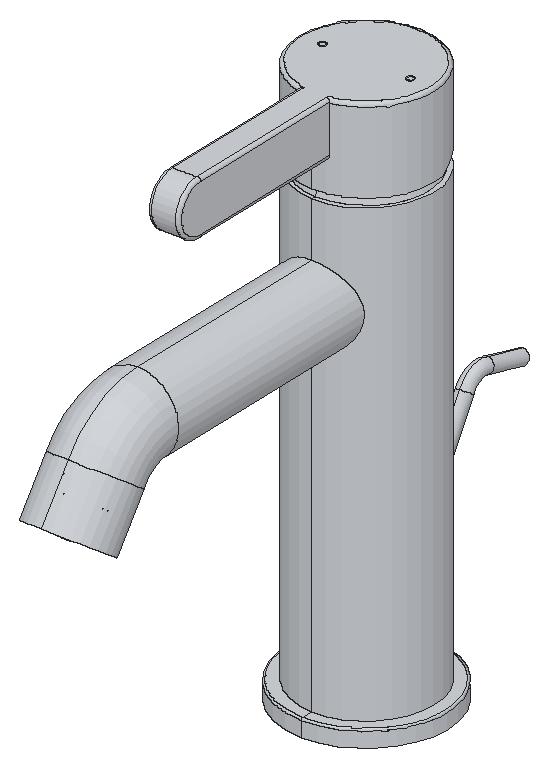
Revit family "Faucet-Lavatory-KOHLER-Atom-K-34313X", category Plumbing Fixtures, host Face, Revit 2021
Family settings
  Host = Face
  Round Connector Dimension = Use Diameter
  Part Type = Normal
  OmniClass Number = 23.31.11.00
  OmniClass Title = Faucets
  Cut with Voids When Loaded = No
  Shared = No
  Room Calculation Point = No
Parameters (values of type "CP-Polished Chrome")
  Width = 1.9685"  # constant formula
  WaterSense Certified = 1 = 0  # no
  Waste Water Outlet = "Waste Water Outlet"  # constant formula
  Waste Connection = 1 = 0  # no
  Vent Connection = 1 = 0  # no
  URL = "https://www.kohler.co.th/"
  Type = 1
  Spout Reach = Length  # 4.33071"
  Product Page URL = ""
  Product Name = "Atom"  # constant formula
  Product Documentation Link = ""
  Pressure = 0.00 psi
  Model = "K-34313X-4-CP"  # constant formula
  Material = "Premium Metal Construction"  # constant formula
  Master Format 2014 Name = "Residential Faucets, Supplies, and Trim"  # constant formula
  Master Format 2014 = "22 41 39"  # constant formula
  Manufacturer Address = "Kohler Beijing Office (100016) 36-2-03-B, No. 88, Liuxiang Road, Beijing"  # constant formula
  Manufacturer = "Kohler Co."  # constant formula
  Length = 4.33071"  # constant formula
  Hot Water Inlet = "Hot Water Inlet"  # constant formula
  Height = 6.62992"  # constant formula
  Handle Clearance = 2.95276"  # constant formula
  HW Connection = 1 = 1  # yes
  Flow Rate = 2.2 GPM  # constant formula
  Finish = Kohler-Metal-CP-Polished_Chrome
  Environmental Product Declaration = ""
  Drain Included = 1 = 0  # no
  Description = "16th Floor, Jasmine City Building 2, Soi Sukhumvit 23, Sukhumvit Road, Khlong Toei Nuea, Watthana, Bangkok 10110"  # constant formula
  Default Elevation = 36"
  Declare Label = ""
  Date Modified = "12/28/2023"  # constant formula
  Date Created = "12/28/2023"  # constant formula
  Copyright = "Copyright Kohler Co."  # constant formula
  Contact Us = "https://www.kohler.co.th/contact-us"
  Cold Water Inlet = "Cold Water Inlet"  # constant formula
  CW Connection = 1 = 1  # yes
  Assembly Code = "D2010"
  ADA Compliant = 1 = 0  # no
Reference planes (in)
  plane 1 "Center (Front/Back)": y = 0
  plane 2: z = 0
  plane 3 "Center (Left/Right)": x = 0
  plane 4: y = 0.98425
  plane 5: x = -0.98425
  plane 6: x = 0.98425
  plane 7: y = -0.98425
  plane 8: y = -2.95276
  plane 9: y = -4.71654
  plane 10: z = 3.55512
  plane 11: z = 6.62992
  plane 12: y = -4.33071
  plane 13: through (0, -2.1777, 6.62994) normal (0, -0.8192, 0.5736)
  plane 14: x = -0.51181
  plane 15: x = 0.51181
  plane 16: x = -0.7874
  plane 17: y = 0.7874
  plane 18: x = 0.7874
  plane 19: y = -0.7874
  plane 20: y = 2.2714
  plane 21: z = 2.79254
  plane 22: through (0, 0.74802, 0) normal (0, 0.5736, 0.8192)
Dimensions and locks (in)
  plane 9 to plane 1 "Center (Front/Back)" = 4.71654"
  plane 14 to plane 15 = 1.02362"
  plane 1 "Center (Front/Back)" to plane 17 = 0.7874"
  plane 16 to plane 14 = 0.27559"
  "Height": plane 11 to level
  "Handle Clearance": plane 1 "Center (Front/Back)" to plane 8
  plane 4 to plane 9 = 5.70079"
  level to plane 10 = 3.55512"
  plane 4 to plane 7 = 1.9685"
  "Length": plane 1 "Center (Front/Back)" to plane 12
  "Width": plane 5 to plane 6
  plane 20 to nested 1 = 2.2714"
  level to plane 21 = 2.79254"
  aligned and locked: plane 2 to host face
  aligned and locked: level to host face
  aligned and locked: plane 1 "Center (Front/Back)" to nested 1
  aligned and locked: plane 3 "Center (Left/Right)" to nested 1
Automatic sketch dimensions
  host sketch curve to host sketch curve = 96"  (x2)
Nested families (in)
  nested 1: "K-34313X" at (0, 0, 0), type "K-34313X"
Connectors (in)
  piping at (-0.51181, 0, 0), diameter 0.5, driven by "Flow Rate", driven by "HW Connection", driven by "Hot Water Inlet"
    settings: on nested 1, index 1, connector inside diameter 24", connector length 0", flow factor 0, pipe flow 2.2 GPM, pressure drop 0.00 psi, fitting loss kfactor 0, connector angle 0.00°, fixture units 0, engagement length 0", angle of deflection 0.00°, flow configuration 1, flow direction 1, fitting loss method 0, system type 19, joint type 0, gender type 0, connector reference index -1, connector utility 1, adjustable connector no, is connector primary yes, connector description "Hot Water Inlet"
  piping at (0.51181, 0, 0), diameter 0.5, driven by "Flow Rate", driven by "CW Connection", driven by "Cold Water Inlet"
    settings: on nested 1, index 2, connector inside diameter 24", connector length 0", flow factor 0, pipe flow 2.2 GPM, pressure drop 0.00 psi, fitting loss kfactor 0, connector angle 0.00°, fixture units 0, engagement length 0", angle of deflection 0.00°, flow configuration 1, flow direction 1, fitting loss method 0, system type 20, joint type 0, gender type 0, connector reference index -1, connector utility 1, adjustable connector no, is connector primary no, connector description "Cold Water Inlet"
Definition of nested family "K-34313X"
  Parameters
    Material = none
    Default Elevation = 0"
  Reference planes (in)
    plane 1 "Center (Front/Back)": y = 0
    plane 2: z = 0
    plane 3 "Center (Left/Right)": x = 0
    plane 4: y = 0.98425
    plane 5: y = -0.98425
    plane 6: z = 6.62992
    plane 7: y = -4.33071
    plane 8: y = -4.71654
    plane 9: x = -0.98425
    plane 10: x = 0.98425
    plane 11: y = -2.95276
    plane 12: z = 3.55512
    plane 13: through (0, -4.33071, 3.55512) normal (0, 0.8192, -0.5736)
    plane 14: x = 0.51181
    plane 15: x = -0.51181
    plane 16: x = -0.7874
    plane 17: x = 0.7874
    plane 18: y = -0.7874
    plane 19: y = 0.7874
    plane 20: y = 2.2714
    plane 21: z = 2.79254
    plane 22: through (0, -4.71654, 3.82632) normal (0, -0.5736, -0.8192)
  Forms (in)
    Revolve 1, solid, material <- "Material", detail levels medium+fine
      sketch origin (0, 0, 0) x (0, 1, 0) y (0, 0, 1)
        loop
          line (0, 0) -> (0.94478, 0) -> (0.94478, 0.17717)
          arc (0.94478, 0.17717) -> (0.93902, 0.19108) -> (0.9251, 0.19685) r 0.01969
          line (0.9251, 0.19685) -> (0.7874, 0.19685) -> (0.7874, 5.53916) -> (0.73239, 5.53916)
          arc (0.73239, 5.53916) -> (0.66595, 5.7435) -> (0.5446, 5.92082) r 0.75436
          line (0.5446, 5.92082) -> (0, 5.92082) -> (0, 0)
        axis (0, 0) -> (0, 5.92082)
      angle from 0 to 360
    Revolve 2, solid, material <- "Material", detail levels medium+fine
      sketch origin (0, 0, 0) x (0, 1, 0) y (0, 0, 1)
        loop
          line (0, 5.64536) -> (0, 6.62994) -> (-0.74803, 6.62994)
          arc (-0.74803, 6.62994) -> (-0.77587, 6.61841) -> (-0.7874, 6.59057) r 0.03937
          line (-0.7874, 6.59057) -> (-0.7874, 5.64536) -> (0, 5.64536)
        axis (0, 6.62994) -> (0, 5.64536)
      angle from 0 to 360
    Extrusion 3, void
      sketch origin (0, 0, 0) x (0, 1, 0) y (0, 0, 1)
        loop
          line (0.98812, 5.96475) -> (-0.00947, 5.59583) -> (0.98812, 5.59583) -> (0.98812, 5.96475)
      from -1.0149 to 1.00536
    Extrusion 4, void
      sketch origin (0, 0, 0) x (1, 0, 0) y (0, 0, 1)
        loop
          circle (0, 6.26388) r 0.14173
      from -0.98812 to -0.64136
    Extrusion 5, solid, detail levels medium+fine
      sketch origin (0, 0, 0) x (1, 0, 0) y (0, 0, 1)
        loop
          circle (0, 6.26388) r 0.1378
      from -0.78748 to -0.64136
    Revolve 6, solid, material <- "Material", detail levels coarse
      sketch origin (0, 0, 0) x (0, 1, 0) y (0, 0, 1)
        loop
          line (0, 0) -> (0.98425, 0) -> (0.98425, 0.19685) -> (0.7874, 0.19685) -> (0.7874, 5.60121) -> (0.58407, 5.92082) -> (0, 5.92082) -> (0, 0)
        axis (0, 0) -> (0, 5.92082)
      angle from 0 to 360
    Revolve 7, solid, material <- "Material", detail levels coarse
      sketch origin (0, 0, 0) x (0, 1, 0) y (0, 0, 1)
        loop
          line (0, 5.64536) -> (0, 6.62994) -> (-0.74803, 6.62994)
          arc (-0.74803, 6.62994) -> (-0.77587, 6.61841) -> (-0.7874, 6.59057) r 0.03937
          line (-0.7874, 6.59057) -> (-0.7874, 5.64536) -> (0, 5.64536)
        axis (0, 6.62994) -> (0, 5.64536)
      angle from 0 to 360
    Sweep 8, solid, material <- "Material", detail levels medium+fine
      path origin (0, 0, 0) x (0, 1, 0) y (0, 0, 1)
        loop
          line (-4.33139, 3.55415) -> (-3.94567, 4.10503)
          arc (-3.94567, 4.10503) -> (-3.67372, 4.34352) -> (-3.32238, 4.42949) r 0.7609
          line (-3.32238, 4.42949) -> (-0.18232, 4.42949)
      profile origin (0, -1.75235, 4.42949) x (0, 0, 1) y (1, 0, 0)
        loop
          circle (0, 0) r 0.47244
    Sweep 9, void
      path origin (0, 0, 0) x (0, 1, 0) y (0, 0, 1)
        loop
          line (-4.3973, 3.46003) -> (-4.11658, 3.86094)
      profile origin (0, -4.25694, 3.66048) x (0, -0.819152, 0.573576) y (1, 0, 0)
        loop
          circle (0, 0) r 0.43307
    Revolve 10, solid, detail levels medium+fine
      sketch origin (0, 0, 0) x (0, 1, 0) y (0, 0, 1)
        loop
          line (-4.338, 3.54472) -> (-4.11658, 3.86094) -> (-4.47133, 4.10934) -> (-4.58424, 3.94809) -> (-4.47639, 3.87257) -> (-4.54101, 3.75262) -> (-4.50996, 3.73088)
          arc (-4.50996, 3.73088) -> (-4.43501, 3.62761) -> (-4.338, 3.54472) r 0.54215
        axis (-4.11658, 3.86094) -> (-4.338, 3.54472)
      angle from 0 to 360
    Extrusion 11, void
      sketch origin (0, 0, 0) x (0, 1, 0) y (0, 0, 1)
        loop
          line (-4.41231, 3.52874) -> (-4.32874, 3.47023) -> (-4.20965, 3.64032) -> (-4.29321, 3.69883) -> (-4.41231, 3.52874)
      from -0.34375 to 0.31622
    Sweep 12, solid, material <- "Material", detail levels coarse
      path origin (0, 0, 0) x (0, 1, 0) y (0, 0, 1)
        loop
          line (-4.33139, 3.55415) -> (-3.94567, 4.10503)
          arc (-3.94567, 4.10503) -> (-3.67372, 4.34352) -> (-3.32238, 4.42949) r 0.7609
          line (-3.32238, 4.42949) -> (-0.18232, 4.42949)
      profile origin (0, -1.75235, 4.42949) x (0, 0, 1) y (1, 0, 0)
        loop
          circle (0, 0) r 0.47244
    Extrusion 13, void
      sketch origin (0, 0, 0) x (1, 0, 0) y (0, 1, 0)
        loop
          circle (-0.51181, 0) r 0.03937
      from 6.53296 to 6.66894
    Extrusion 14, void
      sketch origin (0, 0, 0) x (-1, 0, 0) y (0, -1, 0)
        loop
          circle (-0.51181, 0) r 0.03937
      from 6.53296 to 6.66894
    Extrusion 15, solid
      sketch origin (0, 0, 0) x (1, 0, 0) y (0, 1, 0)
        loop
          circle (-0.51181, 0) r 0.03937
      from 6.53296 to 6.62994
    Extrusion 16, solid
      sketch origin (0, 0, 0) x (-1, 0, 0) y (0, -1, 0)
        loop
          circle (-0.51181, 0) r 0.03937
      from 6.53296 to 6.62994
    Extrusion 17, solid, material <- "Material"
      sketch origin (0, 0, 0) x (1, 0, 0) y (0, 1, 0)
        loop
          circle (-0.51181, 0) r 0.11811
      from 0 to 0.19685
    Extrusion 18, solid, material <- "Material"
      sketch origin (0, 0, 0) x (1, 0, 0) y (0, 1, 0)
        loop
          circle (0.51181, 0) r 0.11811
      from 0 to 0.19685
    Sweep 19, solid, material <- "Material", detail levels medium+fine
      path origin (0, 0, 0) x (0, 1, 0) y (0, 0, 1)
        loop
          line (-0.37047, 6.62994) -> (-2.6343, 6.62994)
          arc (-2.6343, 6.62994) -> (-2.94925, 6.31499) -> (-2.6343, 6.00004) r 0.31495
          line (-2.6343, 6.00004) -> (-0.37047, 6.00004)
      profile origin (0, -1.50239, 6.62994) x (0, 0, -1) y (1, 0, 0)
        loop
          arc (0, -0.13845) -> (0.01153, -0.16629) -> (0.03937, -0.17782) r 0.03937
          line (0.03937, -0.17782) -> (0.07487, -0.17782) -> (0.07487, 0.17782) -> (0.03937, 0.17782)
          arc (0.03937, 0.17782) -> (0.01153, 0.16629) -> (0, 0.13845) r 0.03937
          line (0, 0.13845) -> (0, -0.13845)
    Extrusion 20, solid, material <- "Material", detail levels medium+fine
      sketch origin (0, 0, 0) x (0, 1, 0) y (0, 0, 1)
        loop
          line (-2.6343, 6.07492) -> (-0.71408, 6.07492) -> (-0.71408, 6.55507) -> (-2.6343, 6.55507)
          arc (-2.6343, 6.55507) -> (-2.87438, 6.31499) -> (-2.6343, 6.07492) r 0.24007
      from -0.17782 to 0.17782
    Extrusion 21, solid, material <- "Material", detail levels coarse
      sketch origin (0, 0, 0) x (0, 1, 0) y (0, 0, 1)
        loop
          line (-0.60747, 6.62994) -> (-2.62906, 6.62994)
          arc (-2.62906, 6.62994) -> (-2.94401, 6.31499) -> (-2.62906, 6.00004) r 0.31495
          line (-2.62906, 6.00004) -> (-0.60747, 6.00004) -> (-0.60747, 6.62994)
      from -0.17782 to 0.17782
    Sweep 22, solid, material <- "Material"
      path origin (0, 0, 0) x (0, 1, 0) y (0, 0, 1)
        loop
          line (2.25263, 2.5605) -> (1.73917, 2.69808)
          arc (1.73917, 2.69808) -> (1.56238, 2.6865) -> (1.42917, 2.56968) r 0.27559
          line (1.42917, 2.56968) -> (0, 0.09428)
      profile origin (0, 2.25263, 2.5605) x (0, -0.258819, -0.965926) y (1, 0, 0)
        loop
          circle (0, 0) r 0.0845
    Revolve 23, void
      sketch origin (0, 0, 0) x (0, 1, 0) y (0, 0, 1)
        loop
          line (0.66423, 1.23765) -> (1.12703, 2.03923) -> (1.03525, 2.09221) -> (0.57246, 1.29063) -> (0.66423, 1.23765)
        axis (1.12703, 2.03923) -> (0.66423, 1.23765)
      angle from 0 to 360
  Cuts and joins
    Sweep 9 cuts Sweep 8
    Extrusion 11 cuts Revolve 10
    Extrusion 13, Extrusion 14 cuts Revolve 7
    joined: Revolve 7, Extrusion 21
    Extrusion 3, Extrusion 4, Extrusion 13, Extrusion 14 cuts Revolve 2
    joined: Revolve 2, Sweep 19, Extrusion 20
    Revolve 23 cuts Revolve 6
    Revolve 23 cuts Revolve 1
  Lines and regions (in)
    Masking region 1
      outline origin (0, 0, 0) x (1, 0, 0) y (0, 1, 0)
        loop
          arc (-0.98425, 0) -> (-0.8471, -0.50179) -> (-0.47244, -0.86269) r 0.97995
          line (-0.47244, -0.86269) -> (-0.47244, -4.33066)
          arc (-0.47244, -4.33066) -> (-0.45728, -4.43034) -> (-0.41315, -4.52101) r 0.33515
          arc (-0.41315, -4.52101) -> (-0.33562, -4.60507) -> (-0.23776, -4.66424) r 0.40693
          arc (-0.23776, -4.66424) -> (-0.12133, -4.7015) -> (0, -4.71654) r 0.65683
          arc (0, -4.71654) -> (0.12133, -4.7015) -> (0.23776, -4.66424) r 0.65683
          arc (0.23776, -4.66424) -> (0.33562, -4.60507) -> (0.41315, -4.52101) r 0.40693
          arc (0.41315, -4.52101) -> (0.45728, -4.43034) -> (0.47244, -4.33066) r 0.33515
          line (0.47244, -4.33066) -> (0.47244, -0.86269)
          arc (0.47244, -0.86269) -> (0.8471, -0.50179) -> (0.98425, 0) r 0.97995
          arc (0.98425, 0) -> (0.72525, 0.66541) -> (0.08454, 0.98061) r 0.98425
          line (0.08454, 0.98061) -> (0.08454, 2.23867)
          spline (0.08454, 2.23867) -> (0.08418, 2.24175) -> (0.08308, 2.24481) -> (0.08127, 2.24781) -> (0.07875, 2.25073) -> (0.07556, 2.25355) -> (0.07171, 2.25624) -> (0.06724, 2.25877) -> (0.06218, 2.26114) -> (0.05659, 2.2633) -> (0.05051, 2.26526) -> (0.044, 2.26698) -> (0.0371, 2.26846)
          arc (0.0371, 2.26846) -> (0.01864, 2.27102) -> (0, 2.2714) r 0.1584
          arc (0, 2.2714) -> (-0.02469, 2.27042) -> (-0.04893, 2.26562) r 0.1584
          spline (-0.04893, 2.26562) -> (-0.05421, 2.26401) -> (-0.05914, 2.26225) -> (-0.06371, 2.26033) -> (-0.06787, 2.25828) -> (-0.07161, 2.25611) -> (-0.0749, 2.25383) -> (-0.07771, 2.25145) -> (-0.08004, 2.24899) -> (-0.08187, 2.24647) -> (-0.08319, 2.2439) -> (-0.08398, 2.24129) -> (-0.08424, 2.23867)
          line (-0.08424, 2.23867) -> (-0.08424, 0.98064)
          arc (-0.08424, 0.98064) -> (-0.72514, 0.66552) -> (-0.98425, 0) r 0.98425
    Masking region 2
      outline origin (0, 0, 0) x (1, 0, 0) y (0, 0, 1)
        loop
          line (-0.7874, 6.59055) -> (-0.7874, 5.6457) -> (-0.7314, 5.6457)
          arc (-0.7314, 5.6457) -> (-0.74734, 5.59322) -> (-0.75653, 5.53914) r 0.43336
          line (-0.75653, 5.53914) -> (-0.7874, 5.53914) -> (-0.7874, 0.19688) -> (-0.96457, 0.19688)
          arc (-0.96457, 0.19688) -> (-0.97849, 0.19111) -> (-0.98425, 0.17719) r 0.01969
          line (-0.98425, 0.17719) -> (-0.98425, 0) -> (0, 0) -> (0.98425, 0) -> (0.98425, 0.17719)
          arc (0.98425, 0.17719) -> (0.97849, 0.19111) -> (0.96457, 0.19688) r 0.01969
          line (0.96457, 0.19688) -> (0.7874, 0.19688) -> (0.7874, 5.53914) -> (0.75653, 5.53914)
          arc (0.75653, 5.53914) -> (0.74734, 5.59322) -> (0.7314, 5.6457) r 0.43336
          line (0.7314, 5.6457) -> (0.7874, 5.6457) -> (0.7874, 6.59055)
          arc (0.7874, 6.59055) -> (0.77587, 6.61839) -> (0.74803, 6.62992) r 0.03937
          line (0.74803, 6.62992) -> (0, 6.62992) -> (-0.74803, 6.62992)
          arc (-0.74803, 6.62992) -> (-0.77587, 6.61839) -> (-0.7874, 6.59055) r 0.03937
    Masking region 3
      outline origin (0, 0, 0) x (0, 1, 0) y (0, 0, 1)
        loop
          arc (0.7874, 6.59055) -> (0.77587, 6.61839) -> (0.74803, 6.62992) r 0.03937
          line (0.74803, 6.62992) -> (-2.63871, 6.62992)
          arc (-2.63871, 6.62992) -> (-2.79005, 6.59162) -> (-2.90496, 6.48594) r 0.31817
          arc (-2.90496, 6.48594) -> (-2.94209, 6.4041) -> (-2.95276, 6.31485) r 0.29396
          arc (-2.95276, 6.31485) -> (-2.94487, 6.22906) -> (-2.91229, 6.1493) r 0.29203
          arc (-2.91229, 6.1493) -> (-2.79611, 6.03524) -> (-2.63871, 5.99358) r 0.31817
          line (-2.63871, 5.99358) -> (-0.86614, 5.99358)
          arc (-0.86614, 5.99358) -> (-0.81046, 5.97052) -> (-0.7874, 5.91484) r 0.07874
          line (-0.7874, 5.91484) -> (-0.7874, 5.64542) -> (-0.7299, 5.64542)
          arc (-0.7299, 5.64542) -> (-0.74428, 5.59249) -> (-0.75655, 5.53903) r 1.38621
          line (-0.75655, 5.53903) -> (-0.7874, 5.53903) -> (-0.7874, 4.94864)
          arc (-0.7874, 4.94864) -> (-0.79893, 4.92081) -> (-0.82677, 4.90927) r 0.03937
          line (-0.82677, 4.90927) -> (-3.20361, 4.90927)
          arc (-3.20361, 4.90927) -> (-3.87298, 4.74548) -> (-4.39108, 4.29112) r 1.44963
          line (-4.39108, 4.29112) -> (-4.71654, 3.82632) -> (-3.94334, 3.28492) -> (-3.60574, 3.76706)
          arc (-3.60574, 3.76706) -> (-3.43995, 3.91246) -> (-3.22575, 3.96487) r 0.46388
          line (-3.22575, 3.96487) -> (-0.82677, 3.96487)
          arc (-0.82677, 3.96487) -> (-0.79893, 3.95334) -> (-0.7874, 3.9255) r 0.03937
          line (-0.7874, 3.9255) -> (-0.7874, 0.19685) -> (-0.96457, 0.19685)
          arc (-0.96457, 0.19685) -> (-0.97849, 0.19108) -> (-0.98425, 0.17717) r 0.01969
          line (-0.98425, 0.17717) -> (-0.98425, 0) -> (0, 0) -> (0.98425, 0) -> (0.98425, 0.17717)
          arc (0.98425, 0.17717) -> (0.97849, 0.19108) -> (0.96457, 0.19685) r 0.01969
          line (0.96457, 0.19685) -> (0.7874, 0.19685) -> (0.7874, 1.24506) -> (1.48006, 2.49464)
          arc (1.48006, 2.49464) -> (1.59436, 2.59756) -> (1.7478, 2.60829) r 0.23622
          line (1.7478, 2.60829) -> (2.19509, 2.48844) -> (2.23387, 2.49047) -> (2.2714, 2.63053) -> (2.24266, 2.65065) -> (1.75819, 2.78047)
          arc (1.75819, 2.78047) -> (1.53177, 2.76594) -> (1.36058, 2.61704) r 0.35433
          line (1.36058, 2.61704) -> (0.7874, 1.63658) -> (0.7874, 5.53917) -> (0.75665, 5.53917)
          arc (0.75665, 5.53917) -> (0.71167, 5.69256) -> (0.63735, 5.83408) r 0.80761
          line (0.63735, 5.83408) -> (0.7874, 5.88869) -> (0.7874, 6.59055)
    symbolic lines, detail levels medium+fine
      curve 1: arc (0, 0.82626, 0) -> (-0.03711, 0.82539, 0) -> (-0.07414, 0.82285, 0) r 0.82668
      curve 2: line (-0.47244, -0.86269, 0) -> (-0.47244, -0.70151, 0)
      curve 3: arc (-0.49089, -0.6649, 0) -> (-0.47732, -0.68101, 0) -> (-0.47244, -0.70151, 0) r 0.04554
      curve 4: arc (-0.47244, -0.83704, 0) -> (-0.93205, 0.24725, 0) -> (0, 0.96712, 0) r 0.96409
      curve 5: line (-0.07414, 0.82285, 0) -> (-0.12447, 0.82285, 0)
      curve 6: arc (-0.12447, 0.82285, 0) -> (-0.13974, 0.82, 0) -> (-0.15294, 0.81182, 0) r 0.04225
      curve 7: arc (0, 0.78781, 0) -> (-0.78002, 0.1035, 0) -> (-0.20573, -0.76073, 0) r 0.7881
      curve 8: circle (-0.51181, 0, 0) r 0.03937 normal (0, 0, 1)
      curve 9: line (-0.47244, -3.21903, 0) -> (0, -3.21903, 0)
      curve 10: arc (0, -4.37926, 0) -> (-0.22601, -4.33153, 0) -> (-0.40785, -4.18908, 0) r 0.51056
      curve 11: arc (-0.40785, -4.18908, 0) -> (-0.45116, -4.11627, 0) -> (-0.47244, -4.03426, 0) r 0.30058
      curve 12: arc (0, 0.82626, 0) -> (0.03711, 0.82539, 0) -> (0.07414, 0.82285, 0) r 0.82668
      curve 13: line (0.47244, -0.86269, 0) -> (0.47244, -0.70151, 0)
      curve 14: arc (0.49089, -0.6649, 0) -> (0.47732, -0.68101, 0) -> (0.47244, -0.70151, 0) r 0.04554
      curve 15: arc (0.47244, -0.83704, 0) -> (0.93205, 0.24725, 0) -> (0, 0.96712, 0) r 0.96409
      curve 16: line (0.07414, 0.82285, 0) -> (0.12447, 0.82285, 0)
      curve 17: arc (0.12447, 0.82285, 0) -> (0.13974, 0.82, 0) -> (0.15294, 0.81182, 0) r 0.04225
      curve 18: arc (0, 0.78781, 0) -> (0.78002, 0.1035, 0) -> (0.20573, -0.76073, 0) r 0.7881
      curve 19: circle (0.51181, 0, 0) r 0.03937 normal (0, 0, -1)
      curve 20: line (0.47244, -3.21903, 0) -> (0, -3.21903, 0)
      curve 21: arc (0, -4.37926, 0) -> (0.22601, -4.33153, 0) -> (0.40785, -4.18908, 0) r 0.51056
      curve 22: arc (0.40785, -4.18908, 0) -> (0.45116, -4.11627, 0) -> (0.47244, -4.03426, 0) r 0.30058
      curve 23: line (-0.98425, 0, 0.17719) -> (0, 0, 0.17719)
      curve 24: line (-0.7874, 0, 0.19688) -> (0, 0, 0.19688)
      curve 25: line (-0.75653, 0, 5.53914) -> (0, 0, 5.53914)
      curve 26: line (-0.745, 0, 5.6457) -> (0, 0, 5.6457)
      curve 27: line (-0.7874, 0, 6.59055) -> (-0.17782, 0, 6.59057)
      curve 28: line (0.98425, 0, 0.17719) -> (0, 0, 0.17719)
      curve 29: line (0.7874, 0, 0.19688) -> (0, 0, 0.19688)
      curve 30: line (0.75653, 0, 5.53914) -> (0, 0, 5.53914)
      curve 31: line (0.745, 0, 5.6457) -> (0, 0, 5.6457)
      curve 32: line (0.7874, 0, 6.59055) -> (0.17782, 0, 6.59057)
      curve 33: arc (0, 0.78748, 6.39556) -> (0, 0.77316, 6.26488) -> (0, 0.78748, 6.13421) r 0.60334
      curve 34: line (0, 0.11901, 5.64542) -> (0, -0.7299, 5.64542)
      curve 35: line (0, 0.7874, 0.19685) -> (0, 0, 0.19685)
      curve 36: line (0, 0.98425, 0.17717) -> (0, 0, 0.17717)
      curve 37: line (0, -0.7874, 0.19685) -> (0, 0, 0.19685)
      curve 38: line (0, -0.98425, 0.17717) -> (0, 0, 0.17717)
      curve 39: arc (0, -0.7874, 4.94864) -> (0, -0.60509, 4.43706) -> (0, -0.78745, 3.9255) r 0.80882
      curve 40: arc (0, -0.82677, 4.90927) -> (0, -0.66485, 4.43706) -> (0, -0.82682, 3.96487) r 0.76941
      curve 41: line (0, 0.75665, 5.53917) -> (0, -0.75655, 5.53903)
      curve 42: arc (0, -0.69569, 6.62992) -> (0, -0.71581, 6.61468) -> (0, -0.72325, 6.59055) r 0.04115
      curve 43: line (0, -0.72325, 6.59055) -> (0, -0.72325, 6.06986)
      curve 44: line (0, -0.79522, 6.59055) -> (0, -0.79522, 6.07651)
      curve 45: line (0, -0.79522, 6.59055) -> (0, -0.79522, 6.62992)
      curve 46: line (0, -4.39108, 4.29112) -> (0, -3.61788, 3.74972)
      curve 47: line (0, -3.20361, 4.90927) -> (0, -3.20361, 3.96487)
      curve 48: line (0, 0.64943, 5.83848) -> (0, 0.11901, 5.64542)
      curve 49: arc (-0.07414, 0.82285, 0) -> (-0.11367, 0.81829, 0) -> (-0.15294, 0.81182, 0) r 0.82668
      curve 50: arc (0.07414, 0.82285, 0) -> (0.11367, 0.81829, 0) -> (0.15294, 0.81182, 0) r 0.82668
      curve 51: arc (0.15294, 0.81182, 0) -> (0.80495, 0.18401, 0) -> (0.49089, -0.6649, 0) r 0.82668
      curve 52: arc (-0.15294, 0.81182, 0) -> (-0.80495, 0.18401, 0) -> (-0.49089, -0.6649, 0) r 0.82668
      curve 53: arc (0, -0.72325, 6.06986) -> (0, -0.73992, 5.98597) -> (0, -0.7874, 5.91484) r 0.21938
      curve 54: arc (0, -0.79522, 6.07651) -> (0, -0.81537, 6.02195) -> (0, -0.86614, 5.99358) r 0.08395
      curve 55: line (-0.17719, -0.86865, 0) -> (-0.17719, -2.91339, 0)
      curve 56: line (-0.14766, -0.83671, 0) -> (-0.14766, -2.90354, 0)
      curve 57: arc (-0.2336, -0.79314, 0) -> (-0.19285, -0.82152, 0) -> (-0.17719, -0.86865, 0) r 0.07874
      curve 58: arc (-0.20573, -0.76073, 0) -> (-0.16384, -0.7889, 0) -> (-0.14766, -0.83671, 0) r 0.07874
      curve 59: line (0.17719, -0.86865, 0) -> (0.17719, -2.91339, 0)
      curve 60: line (0.14766, -0.83671, 0) -> (0.14766, -2.90354, 0)
      curve 61: arc (0.20573, -0.76073, 0) -> (0.16384, -0.7889, 0) -> (0.14766, -0.83671, 0) r 0.07874
      curve 62: arc (0.2336, -0.79314, 0) -> (0.19285, -0.82152, 0) -> (0.17719, -0.86865, 0) r 0.07874
      curve 63: line (-0.13782, -2.95276, 0) -> (0.13782, -2.95276, 0)
      curve 64: line (-0.12798, -2.92323, 0) -> (0.12798, -2.92323, 0)
      curve 65: arc (-0.17719, -2.91339, 0) -> (-0.16566, -2.94122, 0) -> (-0.13782, -2.95276, 0) r 0.03937
      curve 66: arc (0.13782, -2.95276, 0) -> (0.16566, -2.94122, 0) -> (0.17719, -2.91339, 0) r 0.03937
      curve 67: arc (-0.14766, -2.90354, 0) -> (-0.1419, -2.91746, 0) -> (-0.12798, -2.92323, 0) r 0.01969
      curve 68: arc (0.12798, -2.92323, 0) -> (0.1419, -2.91746, 0) -> (0.14766, -2.90354, 0) r 0.01969
      curve 69: line (-0.17719, -2.63967, 0) -> (0.17719, -2.63967, 0)
      curve 70: line (-0.17782, 0, 6.59057) -> (-0.17782, 0, 6.03941)
      curve 71: line (0.17782, 0, 6.03941) -> (0.17782, 0, 6.59057)
      curve 72: arc (0.13845, 0, 6.62994) -> (0.16629, 0, 6.61841) -> (0.17782, 0, 6.59057) r 0.03937
      curve 73: arc (-0.17782, 0, 6.59057) -> (-0.16629, 0, 6.61841) -> (-0.13845, 0, 6.62994) r 0.03937
      curve 74: arc (-0.17782, 0, 6.03941) -> (-0.16629, 0, 6.01158) -> (-0.13845, 0, 6.00004) r 0.03937
      curve 75: line (-0.13845, 0, 6.00004) -> (0.13845, 0, 6.00004)
      curve 76: arc (0.13845, 0, 6.00004) -> (0.16629, 0, 6.01158) -> (0.17782, 0, 6.03941) r 0.03937
      curve 77: line (-0.13845, 0, 6.62994) -> (-0.13845, 0, 6.00004)
      curve 78: line (0.13845, 0, 6.62994) -> (0.13845, 0, 6.00004)
      curve 79: line (0, 0.7874, 6.59055) -> (0, -2.62376, 6.59055)
      curve 80: line (0, -0.72464, 6.04525) -> (0, -2.62376, 6.04525)
      curve 81: arc (0, -2.62376, 6.59055) -> (0, -2.89641, 6.3179) -> (0, -2.62376, 6.04525) r 0.27265
      curve 82: arc (-0.49089, -0.6649, 0) -> (-0.36786, -0.74029, 0) -> (-0.2336, -0.79314, 0) r 0.82668
      curve 83: arc (0.49089, -0.6649, 0) -> (0.36786, -0.74029, 0) -> (0.2336, -0.79314, 0) r 0.82668
      curve 84: arc (-0.20573, -0.76073, 0) -> (0, -0.78823, 0) -> (0.20573, -0.76073, 0) r 0.78346
      curve 85: line (0, 2.24266, 2.65065) -> (0, 2.19509, 2.48844)
      curve 86: arc (0, 0.7874, 1.63658) -> (0, 0.78154, 1.44082) -> (0, 0.7874, 1.24506) r 3.26991
      curve 87: spline (-0.08424, 2.23867, 0) -> (-0.08137, 2.23052, 0) -> (-0.07293, 2.22291, 0) -> (-0.05952, 2.21639, 0) -> (-0.04205, 2.21138, 0) -> (-0.02169, 2.20823, 0) -> (0.00015, 2.20715, 0) -> (0.02199, 2.20823, 0) -> (0.04235, 2.21138, 0) -> (0.05983, 2.21639, 0) -> (0.07324, 2.22291, 0) -> (0.08167, 2.23052, 0) -> (0.08454, 2.23867, 0)
      curve 88: arc (0.00022, 0, 4.90694) -> (-0.33947, 0, 4.75357) -> (-0.47122, 0, 4.40493) r 0.48697
      curve 89: line (-0.47122, 0, 4.40493) -> (-0.47122, 0, 3.55438)
      curve 90: arc (-0.47122, 0, 3.55438) -> (-0.45889, 0, 3.49115) -> (-0.42371, 0, 3.43718) r 0.16829
      curve 91: arc (-0.42371, 0, 3.43718) -> (-0.31889, 0, 3.35627) -> (-0.1955, 0, 3.30824) r 0.46424
      curve 92: arc (-0.1955, 0, 3.30824) -> (-0.09828, 0, 3.2914) -> (0.00022, 0, 3.28563) r 0.87324
      curve 93: arc (-0.47122, 0, 3.55438) -> (-0.45889, 0, 3.6176) -> (-0.42371, 0, 3.67157) r 0.16829
      curve 94: arc (-0.42371, 0, 3.67157) -> (-0.31889, 0, 3.75248) -> (-0.1955, 0, 3.80051) r 0.46424
      curve 95: arc (-0.1955, 0, 3.80051) -> (-0.09828, 0, 3.81736) -> (0.00022, 0, 3.82313) r 0.87324
      curve 96: spline (0.00022, 0, 3.80358) -> (-0.02658, 0, 3.8031) -> (-0.05328, 0, 3.80168) -> (-0.07977, 0, 3.7993) -> (-0.10596, 0, 3.79599) -> (-0.13174, 0, 3.79176) -> (-0.15701, 0, 3.78662) -> (-0.18168, 0, 3.78059) -> (-0.20566, 0, 3.77369) -> (-0.22884, 0, 3.76596) -> (-0.25114, 0, 3.75742) -> (-0.27248, 0, 3.7481) -> (-0.29277, 0, 3.73804)
      curve 97: line (-0.2828, 0, 3.59208) -> (-0.29418, 0, 3.65659)
      curve 98: arc (-0.29418, 0, 3.65659) -> (-0.29737, 0, 3.69741) -> (-0.29268, 0, 3.73809) r 0.21257
      curve 99: spline (-0.29277, 0, 3.73804) -> (-0.35021, 0, 3.70103) -> (-0.39369, 0, 3.65821) -> (-0.4215, 0, 3.61129) -> (-0.43252, 0, 3.56214) -> (-0.42631, 0, 3.51271) -> (-0.40312, 0, 3.46497) -> (-0.36388, 0, 3.42082) -> (-0.31014, 0, 3.38202) -> (-0.24405, 0, 3.35011) -> (-0.16824, 0, 3.32637) -> (-0.08572, 0, 3.31174) -> (0.00022, 0, 3.30679)
      curve 100: arc (-0.47122, 0, 4.07067) -> (-0.26001, 0, 4.23316) -> (0.00022, 0, 4.29051) r 0.61206
      curve 101: arc (-0.47122, 0, 4.40493) -> (-0.36206, 0, 4.78612) -> (0.00022, 0, 4.94726) r 0.46875
      curve 102: arc (0.00022, 0, 4.90694) -> (0.33992, 0, 4.75357) -> (0.47167, 0, 4.40493) r 0.48697
      curve 103: line (0.47167, 0, 4.40493) -> (0.47167, 0, 3.55438)
      curve 104: arc (0.47167, 0, 3.55438) -> (0.45934, 0, 3.49115) -> (0.42416, 0, 3.43718) r 0.16829
      curve 105: arc (0.42416, 0, 3.43718) -> (0.31934, 0, 3.35627) -> (0.19594, 0, 3.30824) r 0.46424
      curve 106: arc (0.19594, 0, 3.30824) -> (0.09872, 0, 3.2914) -> (0.00022, 0, 3.28563) r 0.87324
      curve 107: arc (0.47167, 0, 3.55438) -> (0.45934, 0, 3.6176) -> (0.42416, 0, 3.67157) r 0.16829
      curve 108: arc (0.42416, 0, 3.67157) -> (0.31934, 0, 3.75248) -> (0.19594, 0, 3.80051) r 0.46424
      curve 109: arc (0.19594, 0, 3.80051) -> (0.09872, 0, 3.81736) -> (0.00022, 0, 3.82313) r 0.87324
      curve 110: spline (0.00022, 0, 3.80358) -> (0.02703, 0, 3.8031) -> (0.05373, 0, 3.80168) -> (0.08022, 0, 3.7993) -> (0.10641, 0, 3.79599) -> (0.13219, 0, 3.79176) -> (0.15746, 0, 3.78662) -> (0.18213, 0, 3.78059) -> (0.2061, 0, 3.77369) -> (0.22929, 0, 3.76596) -> (0.25159, 0, 3.75742) -> (0.27293, 0, 3.7481) -> (0.29322, 0, 3.73804)
      curve 111: line (0.28435, 0, 3.5983) -> (0.29463, 0, 3.65659)
      curve 112: arc (0.29463, 0, 3.65659) -> (0.29782, 0, 3.69741) -> (0.29313, 0, 3.73809) r 0.21257
      curve 113: spline (0.29322, 0, 3.73804) -> (0.35066, 0, 3.70103) -> (0.39414, 0, 3.65821) -> (0.42195, 0, 3.61129) -> (0.43297, 0, 3.56214) -> (0.42676, 0, 3.51271) -> (0.40357, 0, 3.46497) -> (0.36433, 0, 3.42082) -> (0.31059, 0, 3.38202) -> (0.2445, 0, 3.35011) -> (0.16869, 0, 3.32637) -> (0.08617, 0, 3.31174) -> (0.00022, 0, 3.30679)
      curve 114: arc (0.47167, 0, 4.07067) -> (0.26046, 0, 4.23316) -> (0.00022, 0, 4.29051) r 0.61206
      curve 115: arc (0.47167, 0, 4.40493) -> (0.36251, 0, 4.78612) -> (0.00022, 0, 4.94726) r 0.46875
      curve 116: spline (0.00081, 0, 3.76247) -> (-0.00526, 0, 3.76243) -> (-0.01132, 0, 3.76231) -> (-0.01738, 0, 3.76212) -> (-0.02343, 0, 3.76185) -> (-0.02947, 0, 3.76151) -> (-0.03549, 0, 3.76108) -> (-0.0415, 0, 3.76058) -> (-0.04749, 0, 3.76001) -> (-0.05345, 0, 3.75936) -> (-0.0594, 0, 3.75863) -> (-0.06531, 0, 3.75783) -> (-0.07119, 0, 3.75695)
      curve 117: line (0.00081, 0, 3.61843) -> (-0.27981, 0, 3.61843)
      curve 118: spline (-0.27981, 0, 3.61843) -> (-0.28101, 0, 3.61296) -> (-0.2819, 0, 3.60748) -> (-0.2825, 0, 3.60198) -> (-0.28279, 0, 3.59647) -> (-0.28278, 0, 3.59096) -> (-0.28246, 0, 3.58545) -> (-0.28184, 0, 3.57995) -> (-0.28092, 0, 3.57446) -> (-0.2797, 0, 3.569) -> (-0.27818, 0, 3.56356) -> (-0.27636, 0, 3.55816) -> (-0.27425, 0, 3.55279)
      curve 119: spline (-0.27425, 0, 3.55279) -> (-0.2727, 0, 3.5493) -> (-0.27103, 0, 3.54582) -> (-0.26923, 0, 3.54237) -> (-0.26731, 0, 3.53895) -> (-0.26526, 0, 3.53554) -> (-0.2631, 0, 3.53217) -> (-0.26081, 0, 3.52882) -> (-0.2584, 0, 3.52551) -> (-0.25588, 0, 3.52222) -> (-0.25323, 0, 3.51897) -> (-0.25047, 0, 3.51575) -> (-0.24759, 0, 3.51257)
      curve 120: spline (0.00081, 0, 3.76247) -> (0.00688, 0, 3.76243) -> (0.01294, 0, 3.76231) -> (0.019, 0, 3.76212) -> (0.02505, 0, 3.76185) -> (0.03109, 0, 3.76151) -> (0.03711, 0, 3.76108) -> (0.04312, 0, 3.76058) -> (0.04911, 0, 3.76001) -> (0.05508, 0, 3.75936) -> (0.06102, 0, 3.75863) -> (0.06693, 0, 3.75783) -> (0.07282, 0, 3.75695)
      curve 121: line (0.00081, 0, 3.61843) -> (0.28143, 0, 3.61843)
      curve 122: spline (0.28143, 0, 3.61843) -> (0.28263, 0, 3.61296) -> (0.28352, 0, 3.60748) -> (0.28412, 0, 3.60198) -> (0.28441, 0, 3.59647) -> (0.2844, 0, 3.59096) -> (0.28408, 0, 3.58545) -> (0.28347, 0, 3.57995) -> (0.28255, 0, 3.57446) -> (0.28132, 0, 3.569) -> (0.2798, 0, 3.56356) -> (0.27798, 0, 3.55816) -> (0.27587, 0, 3.55279)
      curve 123: spline (0.27587, 0, 3.55279) -> (0.27432, 0, 3.5493) -> (0.27265, 0, 3.54582) -> (0.27085, 0, 3.54237) -> (0.26893, 0, 3.53895) -> (0.26689, 0, 3.53554) -> (0.26472, 0, 3.53217) -> (0.26243, 0, 3.52882) -> (0.26002, 0, 3.52551) -> (0.2575, 0, 3.52222) -> (0.25485, 0, 3.51897) -> (0.25209, 0, 3.51575) -> (0.24922, 0, 3.51257)
      curve 124: line (-0.25793, 0, 3.66297) -> (0.00081, 0, 3.66297)
      curve 125: spline (-0.25793, 0, 3.66297) -> (-0.26053, 0, 3.65942) -> (-0.263, 0, 3.65583) -> (-0.26533, 0, 3.6522) -> (-0.26751, 0, 3.64855) -> (-0.26956, 0, 3.64486) -> (-0.27146, 0, 3.64115) -> (-0.27322, 0, 3.63742) -> (-0.27483, 0, 3.63366) -> (-0.27629, 0, 3.62988) -> (-0.27761, 0, 3.62608) -> (-0.27878, 0, 3.62226) -> (-0.27981, 0, 3.61843)
      curve 126: line (0.25955, 0, 3.66297) -> (0.00081, 0, 3.66297)
      curve 127: spline (0.25955, 0, 3.66297) -> (0.26215, 0, 3.65942) -> (0.26462, 0, 3.65583) -> (0.26695, 0, 3.6522) -> (0.26913, 0, 3.64855) -> (0.27118, 0, 3.64486) -> (0.27308, 0, 3.64115) -> (0.27484, 0, 3.63742) -> (0.27645, 0, 3.63366) -> (0.27792, 0, 3.62988) -> (0.27923, 0, 3.62608) -> (0.28041, 0, 3.62226) -> (0.28143, 0, 3.61843)
      curve 128: line (-0.2028, 0, 3.71126) -> (0.20443, 0, 3.71126)
      curve 129: spline (-0.1865, 0, 3.72049) -> (-0.18791, 0, 3.71975) -> (-0.1893, 0, 3.719) -> (-0.19069, 0, 3.71825) -> (-0.19207, 0, 3.7175) -> (-0.19344, 0, 3.71673) -> (-0.19481, 0, 3.71597) -> (-0.19616, 0, 3.7152) -> (-0.19751, 0, 3.71442) -> (-0.19885, 0, 3.71364) -> (-0.20017, 0, 3.71285) -> (-0.20149, 0, 3.71206) -> (-0.2028, 0, 3.71126)
      curve 130: spline (0.18812, 0, 3.72049) -> (0.18953, 0, 3.71975) -> (0.19093, 0, 3.719) -> (0.19231, 0, 3.71825) -> (0.19369, 0, 3.7175) -> (0.19507, 0, 3.71673) -> (0.19643, 0, 3.71597) -> (0.19778, 0, 3.7152) -> (0.19913, 0, 3.71442) -> (0.20047, 0, 3.71364) -> (0.2018, 0, 3.71285) -> (0.20312, 0, 3.71206) -> (0.20443, 0, 3.71126)
      curve 131: line (-0.24759, 0, 3.51257) -> (0.00081, 0, 3.51257)
      curve 132: line (0.24922, 0, 3.51257) -> (0.00081, 0, 3.51257)
      curve 133: line (-0.18045, 0, 3.46428) -> (0.18207, 0, 3.46428)
      curve 134: spline (-0.24759, 0, 3.51257) -> (-0.24321, 0, 3.50801) -> (-0.23859, 0, 3.50354) -> (-0.23373, 0, 3.49915) -> (-0.22865, 0, 3.49485) -> (-0.22335, 0, 3.49066) -> (-0.21783, 0, 3.48656) -> (-0.21209, 0, 3.48256) -> (-0.20615, 0, 3.47868) -> (-0.20001, 0, 3.4749) -> (-0.19368, 0, 3.47124) -> (-0.18715, 0, 3.4677) -> (-0.18045, 0, 3.46428)
      curve 135: spline (0.24922, 0, 3.51257) -> (0.24483, 0, 3.50801) -> (0.24021, 0, 3.50354) -> (0.23536, 0, 3.49915) -> (0.23027, 0, 3.49485) -> (0.22497, 0, 3.49066) -> (0.21945, 0, 3.48656) -> (0.21372, 0, 3.48256) -> (0.20778, 0, 3.47868) -> (0.20164, 0, 3.4749) -> (0.1953, 0, 3.47124) -> (0.18878, 0, 3.4677) -> (0.18207, 0, 3.46428)
      curve 136: spline (-0.18045, 0, 3.46428) -> (-0.16755, 0, 3.45828) -> (-0.15409, 0, 3.45273) -> (-0.14011, 0, 3.44765) -> (-0.12566, 0, 3.44306) -> (-0.11079, 0, 3.43897) -> (-0.09555, 0, 3.4354) -> (-0.07999, 0, 3.43236) -> (-0.06415, 0, 3.42986) -> (-0.0481, 0, 3.4279) -> (-0.03189, 0, 3.4265) -> (-0.01557, 0, 3.42566) -> (0.00081, 0, 3.42538)
      curve 137: spline (0.18207, 0, 3.46428) -> (0.16917, 0, 3.45828) -> (0.15571, 0, 3.45273) -> (0.14173, 0, 3.44765) -> (0.12728, 0, 3.44306) -> (0.11241, 0, 3.43897) -> (0.09717, 0, 3.4354) -> (0.08161, 0, 3.43236) -> (0.06577, 0, 3.42986) -> (0.04972, 0, 3.4279) -> (0.03351, 0, 3.4265) -> (0.01719, 0, 3.42566) -> (0.00081, 0, 3.42538)
      curve 138: line (-0.25793, 0, 3.66297) -> (-0.25793, 0, 3.61843)
      curve 139: line (-0.2028, 0, 3.71126) -> (-0.2028, 0, 3.61843)
      curve 140: line (-0.14002, 0, 3.74022) -> (-0.14002, 0, 3.61843)
      curve 141: line (-0.07119, 0, 3.75695) -> (-0.07119, 0, 3.61843)
      curve 142: spline (-0.2028, 0, 3.71126) -> (-0.20844, 0, 3.7077) -> (-0.21391, 0, 3.70405) -> (-0.21919, 0, 3.7003) -> (-0.22429, 0, 3.69647) -> (-0.22919, 0, 3.69255) -> (-0.23391, 0, 3.68854) -> (-0.23843, 0, 3.68446) -> (-0.24274, 0, 3.6803) -> (-0.24685, 0, 3.67607) -> (-0.25076, 0, 3.67177) -> (-0.25445, 0, 3.6674) -> (-0.25793, 0, 3.66297)
      curve 143: spline (-0.14116, 0, 3.73984) -> (-0.14517, 0, 3.73843) -> (-0.14915, 0, 3.73699) -> (-0.15308, 0, 3.7355) -> (-0.15697, 0, 3.73398) -> (-0.16083, 0, 3.73242) -> (-0.16463, 0, 3.73083) -> (-0.16839, 0, 3.72919) -> (-0.17211, 0, 3.72752) -> (-0.17578, 0, 3.72582) -> (-0.1794, 0, 3.72407) -> (-0.18298, 0, 3.7223) -> (-0.1865, 0, 3.72049)
      curve 144: spline (-0.07119, 0, 3.75695) -> (-0.07719, 0, 3.75597) -> (-0.08314, 0, 3.75492) -> (-0.08906, 0, 3.75378) -> (-0.09493, 0, 3.75258) -> (-0.10076, 0, 3.75129) -> (-0.10653, 0, 3.74993) -> (-0.11226, 0, 3.7485) -> (-0.11793, 0, 3.74699) -> (-0.12355, 0, 3.7454) -> (-0.1291, 0, 3.74375) -> (-0.13459, 0, 3.74202) -> (-0.14002, 0, 3.74022)
      curve 145: line (0.00081, 0, 3.76247) -> (0.00081, 0, 3.61843)
      curve 146: line (0.25955, 0, 3.66297) -> (0.25955, 0, 3.61843)
      curve 147: line (0.20443, 0, 3.71126) -> (0.20443, 0, 3.61843)
      curve 148: line (0.14164, 0, 3.74022) -> (0.14164, 0, 3.61843)
      curve 149: line (0.07282, 0, 3.75695) -> (0.07282, 0, 3.61843)
      curve 150: spline (0.07282, 0, 3.75695) -> (0.07881, 0, 3.75597) -> (0.08476, 0, 3.75492) -> (0.09068, 0, 3.75378) -> (0.09655, 0, 3.75258) -> (0.10238, 0, 3.75129) -> (0.10816, 0, 3.74993) -> (0.11388, 0, 3.7485) -> (0.11955, 0, 3.74699) -> (0.12517, 0, 3.7454) -> (0.13072, 0, 3.74375) -> (0.13622, 0, 3.74202) -> (0.14164, 0, 3.74022)
      curve 151: spline (0.14164, 0, 3.74022) -> (0.14576, 0, 3.7388) -> (0.14984, 0, 3.73733) -> (0.15388, 0, 3.73582) -> (0.15787, 0, 3.73427) -> (0.16182, 0, 3.73268) -> (0.16572, 0, 3.73105) -> (0.16958, 0, 3.72938) -> (0.17339, 0, 3.72768) -> (0.17715, 0, 3.72594) -> (0.18086, 0, 3.72416) -> (0.18452, 0, 3.72234) -> (0.18812, 0, 3.72049)
      curve 152: spline (0.20443, 0, 3.71126) -> (0.21007, 0, 3.7077) -> (0.21553, 0, 3.70405) -> (0.22081, 0, 3.7003) -> (0.22591, 0, 3.69647) -> (0.23082, 0, 3.69255) -> (0.23553, 0, 3.68854) -> (0.24005, 0, 3.68446) -> (0.24436, 0, 3.6803) -> (0.24848, 0, 3.67607) -> (0.25238, 0, 3.67177) -> (0.25607, 0, 3.6674) -> (0.25955, 0, 3.66297)
      curve 153: line (-0.25793, 0, 3.52487) -> (-0.25793, 0, 3.55279)
      curve 154: line (-0.2028, 0, 3.47659) -> (-0.2028, 0, 3.55279)
      curve 155: line (-0.14002, 0, 3.44762) -> (-0.14002, 0, 3.55279)
      curve 156: line (-0.07119, 0, 3.4309) -> (-0.07119, 0, 3.55279)
      curve 157: line (0.00081, 0, 3.42538) -> (0.00081, 0, 3.55279)
      curve 158: line (0.25955, 0, 3.52487) -> (0.25955, 0, 3.55279)
      curve 159: line (0.20443, 0, 3.47659) -> (0.20443, 0, 3.55279)
      curve 160: line (0.14164, 0, 3.44762) -> (0.14164, 0, 3.55279)
      curve 161: line (0.07282, 0, 3.4309) -> (0.07282, 0, 3.55279)
      curve 162: line (-0.27425, 0, 3.55279) -> (0.27587, 0, 3.55279)
  Dimensions and locks (in)
    aligned and locked: plane 2 to level
    aligned and locked: plane 1 "Center (Front/Back)" to Extrusion 17 sketch curve
    aligned and locked: plane 1 "Center (Front/Back)" to Extrusion 18 sketch curve
    aligned and locked: Masking region 2 sketch curve to plane 6
    aligned and locked: plane 6 to Masking region 2 sketch curve
    aligned and locked: Masking region 2 sketch curve to plane 2
    aligned and locked: plane 2 to Masking region 2 sketch curve
    aligned and locked: Masking region 3 sketch curve to plane 6
    aligned and locked: Masking region 3 sketch curve to plane 2
    aligned and locked: plane 2 to Masking region 3 sketch curve
    aligned and locked: plane 1 "Center (Front/Back)" to Extrusion 16 sketch curve
    aligned and locked: plane 14 to Extrusion 16 sketch curve
    aligned and locked: plane 14 to Extrusion 18 sketch curve
    aligned and locked: plane 1 "Center (Front/Back)" to Extrusion 15 sketch curve
    aligned and locked: plane 15 to Extrusion 15 sketch curve
    aligned and locked: plane 15 to Extrusion 17 sketch curve
    aligned and locked: plane 15 to Extrusion 13 sketch curve
    aligned and locked: plane 1 "Center (Front/Back)" to Extrusion 13 sketch curve
    aligned and locked: plane 14 to Extrusion 14 sketch curve
    aligned and locked: plane 1 "Center (Front/Back)" to Extrusion 14 sketch curve
    aligned and locked: plane 1 "Center (Front/Back)" to curve 19
    aligned and locked: plane 14 to curve 19
    aligned and locked: plane 1 "Center (Front/Back)" to curve 8
    aligned and locked: plane 15 to curve 8
    aligned and locked: Masking region 2 sketch curve to plane 16
    aligned and locked: Masking region 2 sketch curve to plane 17  (x2)
    aligned and locked: Masking region 3 sketch curve to plane 19  (x2)
    aligned and locked: plane 18 to Masking region 3 sketch curve  (x2)
    aligned and locked: Masking region 3 sketch curve to plane 18
    aligned and locked: plane 11 to curve 63
